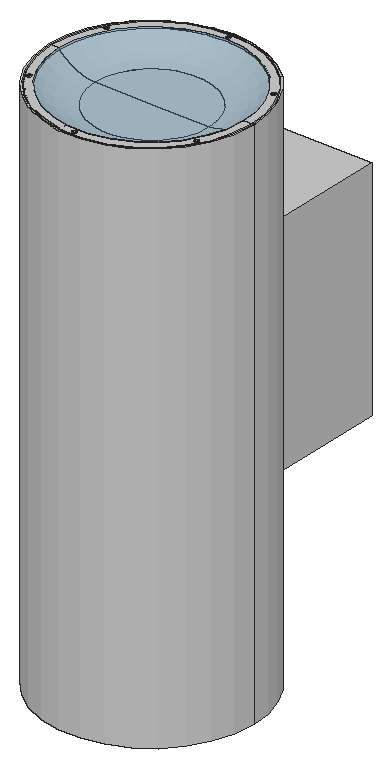
Revit family "WALL DOUBLE TUBE 03_AM36W.1.38", category Luminarias, Revit 2019
Family settings
  Cota de conector redondo = Diámetro de uso
  Tipo de pieza = Normal
  Se basa en plano de trabajo = Sí
  Siempre vertical = No
  Corte con vacíos al cargar = No
  Origen de luz = Sí
  Compartido = No
  Punto de cálculo de habitación = No
Parameters (values of type "WALL DOUBLE TUBE 03_AM36W.1.38")
  Ángulo de inclinación = 60.00°
  Zone [instance] = ""
  Watt per fixture = 40.5
  Wattage = 40.5 W
  built-in parameter 1150107 = 3000 (stored number, unit not read)
  built-in parameter 1150110 = 1 (stored number, unit not read)
  built-in parameter 1150109 = 1 (stored number, unit not read)
  built-in parameter 1150112 = 1 (stored number, unit not read)
  built-in parameter 1150113 = 1 (stored number, unit not read)
  built-in parameter 1114218 = 1 (stored number, unit not read)
  Keynote = ""
  built-in parameter 1150137 = (empty or 0)
  built-in parameter 1150132 = (empty or 0)
  Modelo = "AM36W.1.38"
  Lámpara = "NICHIA"
  built-in parameter 1150105 = 257.35 (stored number, unit not read)
  built-in parameter 1150102 = (empty or 0)
  built-in parameter 1150106 = 2.5735 (stored number, unit not read)
  Lumens = 3233.93 lm
  Color Filter = 16777215
  built-in parameter 1114217 = 1 (stored number, unit not read)
  built-in parameter 1150139 = (empty or 0)
  Fabricante = "BRILLANT"
  Default Elevation = 0 mm
  built-in parameter 1150104 = 7.4183 (stored number, unit not read)
  Descripción = "LUMINARIA DIRIGIBLE EN FORMA TUBULAR TIPO ARBOTANTE DOBLE DE HAZ (UP & DOWN), DE MATERIAL EN ALEACION DE ALUMINIO EXTRUIDO CON UN PESO DE 4.1KG, CON 2 LED TIPO NICHIA CON UNA POTENCIA TOTAL DE 40.5W, 2X1617 LUMENES, TEMPERATURA EN BLANCO CALIDO 3000K, IRC 80, IP 65, IK10, APERTURA DE  38 GRADOS POR PROYECTO, CORRIENTE DE OPERACIÓN 340mA, CABLE DE 0.3M, ALIMENTADO A 100-277VAC"
  built-in parameter 1150115 = 1 (stored number, unit not read)
  built-in parameter 1150114 = 1 (stored number, unit not read)
  Comentarios de vataje = "100-277V"
  built-in parameter 1150138 = (empty or 0)
  built-in parameter 1150134 = (empty or 0)
  Circuit [instance] = ""
  Dimming Lamp Color Temperature Shift = (empty or 0)
  Archivo de red fotométrica = "AM36W.1_38º.IES"
  built-in parameter 1150133 = 10 (stored number, unit not read)
Reference planes
  plane 1 "Centro (Frontal/Posterior)": y = 0
  plane 2: z = 0
  plane 3 "Centro (Izquierda/Derecha)": x = 0
Forms (mm)
  Revolve 1, solid, material "Cristal", not visible
    sketch origin (-152, 0, 0) x (0, 1, 0) y (0, 0, -1)
      loop
        line (0, -8.749) -> (0, -7.25) -> (-1.499, -7.25)
        arc (-1.499, -7.25) -> (-1.06, -8.31) -> (0, -8.749) r 1.499
      axis (0, -7.25) -> (-1.499, -7.25)
    angle from 0 to 360
  Revolve 2, solid, material "Cristal", not visible
    sketch origin (-136, 0, 0) x (0, 1, 0) y (0, 0, -1)
      loop
        line (0, -8.749) -> (0, -7.25) -> (-1.499, -7.25)
        arc (-1.499, -7.25) -> (-1.06, -8.31) -> (0, -8.749) r 1.499
      axis (0, -7.25) -> (-1.499, -7.25)
    angle from 0 to 360
  Revolve 3, solid, material "Cristal", not visible
    sketch origin (-120, 0, 0) x (0, 1, 0) y (0, 0, -1)
      loop
        line (0, -8.749) -> (0, -7.25) -> (-1.499, -7.25)
        arc (-1.499, -7.25) -> (-1.06, -8.31) -> (0, -8.749) r 1.499
      axis (0, -7.25) -> (-1.499, -7.25)
    angle from 0 to 360
  Revolve 4, solid, material "Cristal", not visible
    sketch origin (-104, 0, 0) x (0, 1, 0) y (0, 0, -1)
      loop
        line (0, -8.749) -> (0, -7.25) -> (-1.499, -7.25)
        arc (-1.499, -7.25) -> (-1.06, -8.31) -> (0, -8.749) r 1.499
      axis (0, -7.25) -> (-1.499, -7.25)
    angle from 0 to 360
  Revolve 5, solid, material "Cristal", not visible
    sketch origin (-88, 0, 0) x (0, 1, 0) y (0, 0, -1)
      loop
        line (0, -8.749) -> (0, -7.25) -> (-1.499, -7.25)
        arc (-1.499, -7.25) -> (-1.06, -8.31) -> (0, -8.749) r 1.499
      axis (0, -7.25) -> (-1.499, -7.25)
    angle from 0 to 360
  Revolve 6, solid, material "Cristal", not visible
    sketch origin (-72, 0, 0) x (0, 1, 0) y (0, 0, -1)
      loop
        line (0, -8.749) -> (0, -7.25) -> (-1.499, -7.25)
        arc (-1.499, -7.25) -> (-1.06, -8.31) -> (0, -8.749) r 1.499
      axis (0, -7.25) -> (-1.499, -7.25)
    angle from 0 to 360
  Revolve 7, solid, material "Cristal", not visible
    sketch origin (-56, 0, 0) x (0, 1, 0) y (0, 0, -1)
      loop
        line (0, -8.749) -> (0, -7.25) -> (-1.499, -7.25)
        arc (-1.499, -7.25) -> (-1.06, -8.31) -> (0, -8.749) r 1.499
      axis (0, -7.25) -> (-1.499, -7.25)
    angle from 0 to 360
  Revolve 8, solid, material "Cristal", not visible
    sketch origin (-40, 0, 0) x (0, 1, 0) y (0, 0, -1)
      loop
        line (0, -8.749) -> (0, -7.25) -> (-1.499, -7.25)
        arc (-1.499, -7.25) -> (-1.06, -8.31) -> (0, -8.749) r 1.499
      axis (0, -7.25) -> (-1.499, -7.25)
    angle from 0 to 360
  Revolve 9, solid, material "Cristal", not visible
    sketch origin (-24, 0, 0) x (0, 1, 0) y (0, 0, -1)
      loop
        line (0, -8.749) -> (0, -7.25) -> (-1.499, -7.25)
        arc (-1.499, -7.25) -> (-1.06, -8.31) -> (0, -8.749) r 1.499
      axis (0, -7.25) -> (-1.499, -7.25)
    angle from 0 to 360
  Revolve 10, solid, material "Cristal", not visible
    sketch origin (-8, 0, 0) x (0, 1, 0) y (0, 0, -1)
      loop
        line (0, -8.749) -> (0, -7.25) -> (-1.499, -7.25)
        arc (-1.499, -7.25) -> (-1.06, -8.31) -> (0, -8.749) r 1.499
      axis (0, -7.25) -> (-1.499, -7.25)
    angle from 0 to 360
  Revolve 11, solid, material "Cristal", not visible
    sketch origin (8, 0, 0) x (0, 1, 0) y (0, 0, -1)
      loop
        line (0, -8.749) -> (0, -7.25) -> (-1.499, -7.25)
        arc (-1.499, -7.25) -> (-1.06, -8.31) -> (0, -8.749) r 1.499
      axis (0, -7.25) -> (-1.499, -7.25)
    angle from 0 to 360
  Revolve 12, solid, material "Cristal", not visible
    sketch origin (24, 0, 0) x (0, 1, 0) y (0, 0, -1)
      loop
        line (0, -8.749) -> (0, -7.25) -> (-1.499, -7.25)
        arc (-1.499, -7.25) -> (-1.06, -8.31) -> (0, -8.749) r 1.499
      axis (0, -7.25) -> (-1.499, -7.25)
    angle from 0 to 360
  Revolve 13, solid, material "Cristal", not visible
    sketch origin (40, 0, 0) x (0, 1, 0) y (0, 0, -1)
      loop
        line (0, -8.749) -> (0, -7.25) -> (-1.499, -7.25)
        arc (-1.499, -7.25) -> (-1.06, -8.31) -> (0, -8.749) r 1.499
      axis (0, -7.25) -> (-1.499, -7.25)
    angle from 0 to 360
  Revolve 14, solid, material "Cristal", not visible
    sketch origin (56, 0, 0) x (0, 1, 0) y (0, 0, -1)
      loop
        line (0, -8.749) -> (0, -7.25) -> (-1.499, -7.25)
        arc (-1.499, -7.25) -> (-1.06, -8.31) -> (0, -8.749) r 1.499
      axis (0, -7.25) -> (-1.499, -7.25)
    angle from 0 to 360
  Revolve 15, solid, material "Cristal", not visible
    sketch origin (72, 0, 0) x (0, 1, 0) y (0, 0, -1)
      loop
        line (0, -8.749) -> (0, -7.25) -> (-1.499, -7.25)
        arc (-1.499, -7.25) -> (-1.06, -8.31) -> (0, -8.749) r 1.499
      axis (0, -7.25) -> (-1.499, -7.25)
    angle from 0 to 360
  Revolve 16, solid, material "Cristal", not visible
    sketch origin (88, 0, 0) x (0, 1, 0) y (0, 0, -1)
      loop
        line (0, -8.749) -> (0, -7.25) -> (-1.499, -7.25)
        arc (-1.499, -7.25) -> (-1.06, -8.31) -> (0, -8.749) r 1.499
      axis (0, -7.25) -> (-1.499, -7.25)
    angle from 0 to 360
  Revolve 17, solid, material "Cristal", not visible
    sketch origin (104, 0, 0) x (0, 1, 0) y (0, 0, -1)
      loop
        line (0, -8.749) -> (0, -7.25) -> (-1.499, -7.25)
        arc (-1.499, -7.25) -> (-1.06, -8.31) -> (0, -8.749) r 1.499
      axis (0, -7.25) -> (-1.499, -7.25)
    angle from 0 to 360
  Revolve 18, solid, material "Cristal", not visible
    sketch origin (120, 0, 0) x (0, 1, 0) y (0, 0, -1)
      loop
        line (0, -8.749) -> (0, -7.25) -> (-1.499, -7.25)
        arc (-1.499, -7.25) -> (-1.06, -8.31) -> (0, -8.749) r 1.499
      axis (0, -7.25) -> (-1.499, -7.25)
    angle from 0 to 360
  Revolve 19, solid, material "Cristal", not visible
    sketch origin (136, 0, 0) x (0, 1, 0) y (0, 0, -1)
      loop
        line (0, -8.749) -> (0, -7.25) -> (-1.499, -7.25)
        arc (-1.499, -7.25) -> (-1.06, -8.31) -> (0, -8.749) r 1.499
      axis (0, -7.25) -> (-1.499, -7.25)
    angle from 0 to 360
  Revolve 20, solid, material "Cristal", not visible
    sketch origin (152, 0, 0) x (0, 1, 0) y (0, 0, -1)
      loop
        line (0, -8.749) -> (0, -7.25) -> (-1.499, -7.25)
        arc (-1.499, -7.25) -> (-1.06, -8.31) -> (0, -8.749) r 1.499
      axis (0, -7.25) -> (-1.499, -7.25)
    angle from 0 to 360
  Revolve 21, solid, material "Acero Inoxidable"
    sketch origin (0, -117, 120.325) x (-1, 0, 0) y (0, 0, 1)
      loop
        line (0, 207.853) -> (-36.124, 207.853)
        arc (-36.124, 207.853) -> (-48.278, 211.101) -> (-58.59, 218.31) r 36.226
        line (-58.59, 218.31) -> (-58.59, 219.182) -> (-63.399, 219.182) -> (-63.399, 218.298) -> (-64.2, 218.298) -> (-64.2, 219.182) -> (-65, 219.182) -> (-65, -120.325) -> (-64.2, -120.325) -> (-64.2, -119.441) -> (-63.399, -119.441) -> (-63.399, -120.325) -> (-58.59, -120.325) -> (-58.59, -119.453)
        arc (-58.59, -119.453) -> (-48.278, -112.244) -> (-36.124, -108.997) r 36.226
        line (-36.124, -108.997) -> (0, -108.997) -> (0, 207.853)
      axis (0, 219.182) -> (0, -120.325)
    angle from 0 to 360
  Extrusion 22, solid, material "Cristal"
    sketch origin (0, -25.506, 0) x (1, 0, 0) y (0, 1, 0)
      loop
        circle (0, -91.494) r 58.59
    from 0 to 0.872
  Extrusion 23, solid, material "Acero Inoxidable"
    sketch origin (0, 0, 0) x (1, 0, 0) y (0, 1, 0)
      loop
        line (-45.5, 0) -> (-45.5, -70.581)
        arc (-45.5, -70.581) -> (0, -52) -> (45.5, -70.581) r 65
        line (45.5, -70.581) -> (45.5, 0) -> (-45.5, 0)
    from 116.238 to 259.531
  Extrusion 24, void
    sketch origin (0, -45, 0) x (1, 0, 0) y (0, 1, 0)
      loop
        circle (0, -11) r 1.283
      loop
        circle (52.828, -41.5) r 1.283
      loop
        circle (52.828, -102.5) r 1.283
      loop
        circle (0, -133) r 1.283
      loop
        circle (-52.828, -102.5) r 1.283
      loop
        circle (-52.828, -41.5) r 1.283
    from 0 to 1.671
  Extrusion 25, solid, material "Acero Inoxidable"
    sketch origin (0, -45, 0) x (1, 0, 0) y (0, 1, 0)
      loop
        circle (-0.023, -11.013) r 1.084
      loop
        line (-0.813, -11.013) -> (-0.418, -11.698) -> (0.372, -11.698) -> (0.767, -11.013) -> (0.372, -10.329) -> (-0.418, -10.329) -> (-0.813, -11.013)
      loop
        circle (52.828, -41.5) r 1.084
      loop
        line (52.037, -41.5) -> (52.432, -42.184) -> (53.223, -42.184) -> (53.618, -41.5) -> (53.223, -40.816) -> (52.432, -40.816) -> (52.037, -41.5)
      loop
        circle (52.828, -102.5) r 1.084
      loop
        line (52.037, -102.5) -> (52.432, -103.184) -> (53.223, -103.184) -> (53.618, -102.5) -> (53.223, -101.816) -> (52.432, -101.816) -> (52.037, -102.5)
      loop
        circle (0, -133) r 1.084
      loop
        line (-0.79, -133) -> (-0.395, -133.684) -> (0.395, -133.684) -> (0.79, -133) -> (0.395, -132.316) -> (-0.395, -132.316) -> (-0.79, -133)
      loop
        circle (-52.828, -102.5) r 1.084
      loop
        line (-53.618, -102.5) -> (-53.223, -103.184) -> (-52.432, -103.184) -> (-52.037, -102.5) -> (-52.432, -101.816) -> (-53.223, -101.816) -> (-53.618, -102.5)
      loop
        circle (-52.828, -41.5) r 1.084
      loop
        line (-53.618, -41.5) -> (-53.223, -42.184) -> (-52.432, -42.184) -> (-52.037, -41.5) -> (-52.432, -40.816) -> (-53.223, -40.816) -> (-53.618, -41.5)
    from 0 to 1.671
  Extrusion 26, void
    sketch origin (0, -13.75, 0) x (1, 0, 0) y (0, 1, 0)
      loop
        circle (-20.22, -13.334) r 3.469
      loop
        circle (20.22, -13.334) r 3.469
    from 116.238 to 121.734
  Extrusion 27, solid, material "Aluminio"
    sketch origin (0, -13.75, 0) x (1, 0, 0) y (0, 1, 0)
      loop
        circle (-20.22, -13.334) r 3.271
      loop
        line (-22.643, -12.929) -> (-22.643, -13.738) -> (-20.62, -13.738) -> (-20.62, -15.757) -> (-19.82, -15.757) -> (-19.82, -13.738) -> (-17.797, -13.738) -> (-17.797, -12.929) -> (-19.82, -12.929) -> (-19.82, -10.911) -> (-20.62, -10.911) -> (-20.62, -12.929) -> (-22.643, -12.929)
      loop
        circle (20.22, -13.334) r 3.271
      loop
        line (22.643, -12.929) -> (20.62, -12.929) -> (20.62, -10.911) -> (19.82, -10.911) -> (19.82, -12.929) -> (17.797, -12.929) -> (17.797, -13.738) -> (19.82, -13.738) -> (19.82, -15.757) -> (20.62, -15.757) -> (20.62, -13.738) -> (22.643, -13.738) -> (22.643, -12.929)
    from 116.238 to 121.734
  Extrusion 28, void
    sketch origin (0, -45, 337.836) x (0, -1, 0) y (1, 0, 0)
      loop
        circle (11, 0) r 1.283
      loop
        circle (41.5, 52.828) r 1.283
      loop
        circle (102.5, 52.828) r 1.283
      loop
        circle (133, 0) r 1.283
      loop
        circle (102.5, -52.828) r 1.283
      loop
        circle (41.5, -52.828) r 1.283
    from 0 to 1.671
  Extrusion 29, solid, material "Acero Inoxidable"
    sketch origin (0, -45, 337.836) x (0, -1, 0) y (1, 0, 0)
      loop
        circle (11.013, -0.023) r 1.084
      loop
        line (11.013, -0.813) -> (11.698, -0.418) -> (11.698, 0.372) -> (11.013, 0.767) -> (10.329, 0.372) -> (10.329, -0.418) -> (11.013, -0.813)
      loop
        circle (41.5, 52.828) r 1.084
      loop
        line (41.5, 52.037) -> (42.184, 52.432) -> (42.184, 53.223) -> (41.5, 53.618) -> (40.816, 53.223) -> (40.816, 52.432) -> (41.5, 52.037)
      loop
        circle (102.5, 52.828) r 1.084
      loop
        line (102.5, 52.037) -> (103.184, 52.432) -> (103.184, 53.223) -> (102.5, 53.618) -> (101.816, 53.223) -> (101.816, 52.432) -> (102.5, 52.037)
      loop
        circle (133, 0) r 1.084
      loop
        line (133, -0.79) -> (133.684, -0.395) -> (133.684, 0.395) -> (133, 0.79) -> (132.316, 0.395) -> (132.316, -0.395) -> (133, -0.79)
      loop
        circle (102.5, -52.828) r 1.084
      loop
        line (102.5, -53.618) -> (103.184, -53.223) -> (103.184, -52.432) -> (102.5, -52.037) -> (101.816, -52.432) -> (101.816, -53.223) -> (102.5, -53.618)
      loop
        circle (41.5, -52.828) r 1.084
      loop
        line (41.5, -53.618) -> (42.184, -53.223) -> (42.184, -52.432) -> (41.5, -52.037) -> (40.816, -52.432) -> (40.816, -53.223) -> (41.5, -53.618)
    from 0 to 1.671
  Extrusion 30, solid, material "Cristal"
    sketch origin (0, -25.506, 338.635) x (0, -1, 0) y (1, 0, 0)
      loop
        circle (91.494, 0) r 58.59
    from 0 to 0.872
Cuts and joins
  Extrusion 24, Extrusion 28 cuts Revolve 21
  Extrusion 26 cuts Extrusion 23
  Extrusion 28 cuts Extrusion 25
Lines and regions (mm)
  model lines
    curve 1: line (-1.283, -43.146, 0) -> (1.283, -43.146, 0)
    curve 2: line (0, -182, 0) -> (130, -182, 0)
Dimensions and locks
  equal spacing: Extrusion 23 sketch curve, plane 3 "Centro (Izquierda/Derecha)", Extrusion 23 sketch curve
  Extrusion 23 sketch curve to plane 3 "Centro (Izquierda/Derecha)" = 45.5 mm
  Extrusion 23 sketch curve to Extrusion 23 sketch curve = 91 mm
  Extrusion 23 to Extrusion 23 = 91 mm
  Extrusion 23 to Extrusion 23 = 143.293 mm
  cut or joined group of Revolve 21, Extrusion 24, Extrusion 28 to cut or joined group of Revolve 21, Extrusion 24, Extrusion 28 = 339.507 mm
  aligned and locked: level to plane 2
  aligned and locked: Extrusion 22 to level
  aligned and locked: Extrusion 26 to Extrusion 27
  aligned and locked: Extrusion 23 to Extrusion 26
  aligned and locked: cut or joined group of Extrusion 23, Extrusion 26 to Extrusion 27
Connectors
  electrical at (0, 0, 187.885)
    settings: on cut or joined group of Extrusion 23, Extrusion 26, index 1, voltage 277 V, apparent load 0 VA, apparent load phase1 0 VA, apparent load phase2 0 VA, apparent load phase3 0 VA, power factor 1, load classification "Otro", number of poles 1, system type 31, power factor state 1, is connector primary yes, connector utility no, sub classification motor no, connector description ""
